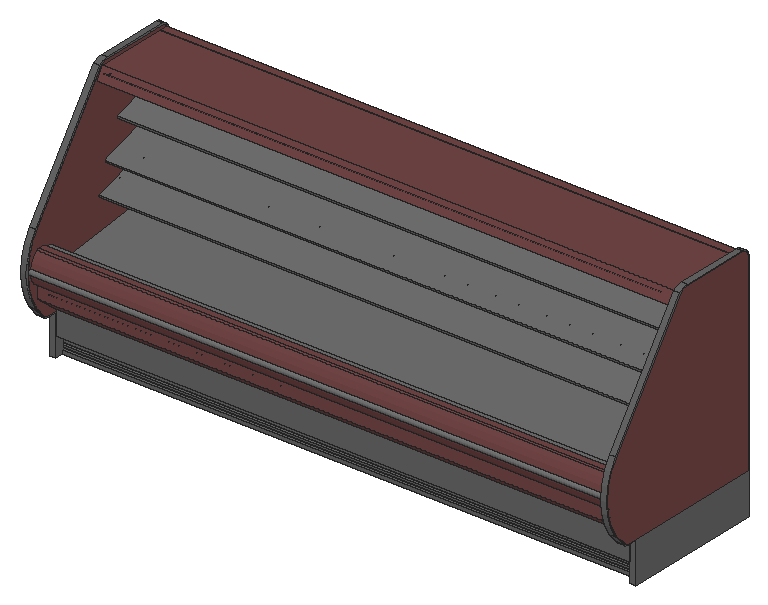
Revit family "O3.5EM-NRG", category Mechanical Equipment, Revit 2019
Family settings
  Round Connector Dimension = Use Radius
  Part Type = Normal
  OmniClass Number = 23.40.40.11.17
  OmniClass Title = Refrigerated Cases
  Work Plane-Based = Yes
  Always vertical = Yes
  Cut with Voids When Loaded = No
  Shared = No
  Room Calculation Point = No
Parameters (values of type "12' Deli")
  Width = 43 1/4"  # constant formula
  URL = "http://www.hillphoenix.com/?s=o3.5um"
  TOP REFRIGERATION PIPING = yes
  TOP ELECTRICAL = yes
  TOEKICK [instance] = BLACK PAINTED METAL
  Standard Power Watts = 35.7 W
  Standard Power Amps = 0.3 A
  Shelf distance = 48"
  STAINLESS STEEL = GALVANIZED STEEL
  Refgn = 12 3/8"
  RT STD END = yes
  REFRIGERATION PIPING = COPPER PIPE
  RUBBER BUMPER [instance] = BLACK
  REAR REFRIGERATION PIPING = yes
  PAINTED METAL UPPER SHELF = PAINTED SHELVES
  PAINTED METAL INTERIOR [instance] = GALVANIZED STEEL
  PAINTED METAL EXTERIOR [instance] = CHARCOAL BROWN
  Number of Shelf = 3
  Model = "O3.5UM-NRG"  # constant formula
  Manufacturer = "HILL PHOENIX"  # constant formula
  Lights Per Row = 3
  Light Length = "48\""
  Length = 144"
  Legend Number = Model  # "O3.5UM-NRG"
  LF STD END = yes
  Keynote = ""  # constant formula
  Item Description = Description  # "Multi-Deck Merchandiser with Synerg-E™"
  Island Timed-Off Termination Temp (°F) = 42 °F  # constant formula
  Island Timed-Off Fail-Safe (Min) = "40 (Min)"  # constant formula
  Island Superheat @ Bulb Set Point (°F) = "6-8 °F"  # constant formula
  Island High Efficiency Fans Watts = 42 W
  Island High Efficiency Fans Amps = 0.6 A
  Island Front Sill Height = "All"
  Island Fans Per Case = 3
  Island Evaporator (°F) = 28 °F
  Island Discharge Air(°F) = 31 °F
  Island Discharge Air Velocity (FPM) = 150 FPM  # constant formula
  Island BTUH Parallel = 930
  Island BTUH Conventional = 1063
  Island Application = "Dairy / Deli / Produce"
  Island  Case Length = 144"
  How Many Defrosts Per Day = 6  # constant formula
  High Power (Cornice) Watts = 64.5 W
  High Power (Cornice) Amps = 0.54 A
  Height = 53 5/8"  # constant formula
  GLASS = Glass
  EQUIPMENT MARK = Legend Number  # "O3.5UM-NRG"
  EQUIPMENT DESCRIPTION = Item Description  # "Multi-Deck Merchandiser with Synerg-E™"
  Description = "Multi-Deck Merchandiser with Synerg-E™"  # constant formula
  Default Elevation = 48"
  DRAIN PIPING = yes
  DESIGNERS NAME = "SHIDDRAMESH"  # constant formula
  DATE = "03/31/2016"  # constant formula
  Certifications = "NSF 7, UL471, CSA"  # constant formula
  DRAIN LINE = 72"
  BOTTOM REFRIGERATION PIPING = yes
  BOTTOM ELECTRICAL = yes
  BASE [instance] = BLACK PAINTED METAL
  Assembly Code = ""
  16" Shelf = yes
  14" Shelf = yes
  12" Shelf = yes
Types (4): name | Standard Power Watts | Standard Power Amps | Shelf distance | Refgn | Lights Per Row | Light Length | Length | Island High Efficiency Fans Watts | Island High Efficiency Fans Amps | Island Fans Per Case | Island  Case Length | High Power (Cornice) Watts | High Power (Cornice) Amps | DRAIN LINE
  04' Deli | 11 W | 0.1 A | 36" | 12 3/8" | 1 | "48\"" | 48" | 14 W | 0.2 A | 1 | 48" | 21.5 W | 0.18 A | 36"
  06' Deli | 16.6 W | 0.14 A | 36" | 12.37369" | 2 | "36\"" | 72" | 28 W | 0.4 A | 2 | 72" | 29.8 W | 0.25 A | 36"
  08' Deli | 23.8 W | 0.2 A | 48" | 12 3/8" | 2 | "48\"" | 96" | 28 W | 0.4 A | 2 | 96" | 43 W | 0.36 A | 48"
  12' Deli | 35.7 W | 0.3 A | 48" | 12 3/8" | 3 | "48\"" | 144" | 42 W | 0.6 A | 3 | 144" | 64.5 W | 0.54 A | 72"
Reference planes (in)
  plane 1: z = 0.01963
  plane 2 "LEFT": x = 0
  plane 3 "CASE RIGHT": x = 144
  plane 4: z = 0
  plane 5: y = -15.80874
  plane 6: x = 145.5
  plane 7: x = 72
  plane 8: y = -35.93374
  plane 9: z = 16.99642
Forms (in)
  Extrusion 1, solid, material "BLACK PAINTED METAL" <- "BASE"
    sketch origin (0, 0, 0) x (0, 1, 0) y (0, 0, 1)
      loop
        line (-15.80874, -5.875) -> (-15.80874, 5.125) -> (-47.62124, 5.125) -> (-47.62124, -5.875) -> (-45.69085, -5.875) -> (-45.69085, -2.92693) -> (-17.58874, -2.92693) -> (-17.58874, -5.875) -> (-15.80874, -5.875)
    from 0 to 144
  Extrusion 2, solid, material "CHARCOAL BROWN" <- "PAINTED METAL EXTERIOR"
    sketch origin (0, 0, 0) x (0, 1, 0) y (0, 0, 1)
      loop
        line (-17.80874, 53.5) -> (-17.80874, 13.8096)
        arc (-17.80874, 13.8096) -> (-19.67093, 9.97936) -> (-23.59905, 8.33365) r 6.03269
        line (-23.59905, 8.33365) -> (-41.10336, 7.70434) -> (-43.19438, 6.18536) -> (-45.82493, 6.18536) -> (-48.11015, 7.45214)
        arc (-48.11015, 7.45214) -> (-52.38364, 9.035) -> (-54.31151, 13.16433) r 5.99863
        line (-54.31151, 13.16433) -> (-54.31151, 15.37312) -> (-56.31972, 15.37312) -> (-56.31972, 10.07189) -> (-50.42555, 5.125) -> (-15.80874, 5.125) -> (-15.80874, 53.5) -> (-17.80874, 53.5)
    from 0 to 144
  Extrusion 3, solid, material "PAINTED SHELVES" <- "PAINTED METAL UPPER SHELF"
    sketch origin (0, 0, 0) x (0, 1, 0) y (0, 0, 1)
      loop
        arc (-19.82324, 18.65532) -> (-19.97199, 18.29619) -> (-20.33113, 18.14743) r 0.50789
        line (-20.33113, 18.14743) -> (-23.58406, 17.91996) -> (-23.5984, 18.125) -> (-50.89707, 14.85444) -> (-51.11131, 14.778) -> (-52.07193, 14.778) -> (-52.07193, 20.48987) -> (-54.31151, 20.48987) -> (-54.31151, 13.16433)
        arc (-54.31151, 13.16433) -> (-52.37575, 9.02845) -> (-48.08972, 7.45284) r 6
        line (-48.08972, 7.45284) -> (-45.80324, 6.18536) -> (-43.17269, 6.18536) -> (-41.08167, 7.70434) -> (-23.59905, 8.33365)
        arc (-23.59905, 8.33365) -> (-19.67093, 9.97936) -> (-17.80874, 13.8096) r 6.03269
        line (-17.80874, 13.8096) -> (-17.80874, 18.25) -> (-19.82324, 18.25) -> (-19.82324, 18.65532)
    from 0 to 144
  Extrusion 4, solid, material "GALVANIZED STEEL" <- "STAINLESS STEEL"
    sketch origin (0, 0, 0) x (0, 1, 0) y (0, 0, 1)
      loop
        line (-17.80874, 50.50917) -> (-19.82324, 50.50917) -> (-19.82324, 18.25) -> (-17.80874, 18.25) -> (-17.80874, 50.50917)
    from 0 to 144
  Extrusion 5, solid, material "COPPER PIPE" <- "REFRIGERATION PIPING", visible <- "REAR REFRIGERATION PIPING"
    sketch origin (72, -10.74044, 2.25) x (-1, 0, 0) y (0, 0, 1)
      loop
        circle (-69, 12.25) r 0.5
      loop
        circle (-67, 12.25) r 0.375
    from -6.847 to -4.76622
  Extrusion 6, solid, material "CHARCOAL BROWN" <- "PAINTED METAL EXTERIOR", visible <- "TOP REFRIGERATION PIPING"
    sketch origin (-1, 0, 0) x (1, 0, 0) y (0, 1, 0)
      loop
        line (141, -15.80874) -> (141, -12.80874) -> (129, -12.80874) -> (129, -15.80874) -> (129.125, -15.80874) -> (129.125, -12.93374) -> (140.875, -12.93374) -> (140.875, -15.80874) -> (141, -15.80874)
    from 20.05479 to 49.38425
  Extrusion 7, solid, material "COPPER PIPE" <- "REFRIGERATION PIPING", visible <- "TOP REFRIGERATION PIPING"
    sketch origin (-1, 0, 0) x (1, 0, 0) y (0, 1, 0)
      loop
        circle (135.125, -14.43374) r 0.375
      loop
        circle (138.125, -14.43374) r 0.5
    from 36.946 to 51.0895
  Extrusion 8, solid, material "BLACK PAINTED METAL" <- "BASE"
    sketch origin (0, -10.32473, -5.92912) x (0, 1, 0) y (0, 0, 1)
      loop
        line (-37.29651, 0.05412) -> (-37.29651, 11.05412) -> (-40.10082, 11.05412) -> (-40.10082, 4.89419) -> (-37.49499, 4.89419)
        arc (-37.49499, 4.89419) -> (-37.64498, 4.61148) -> (-37.9483, 4.50939) r 0.43232
        line (-37.9483, 4.50939) -> (-37.9483, 4.00939) -> (-37.8698, 4.00939) -> (-37.45101, 4.08936) -> (-37.58838, 3.65476)
        arc (-37.58838, 3.65476) -> (-37.72442, 3.42905) -> (-37.9483, 3.29) r 0.56287
        line (-37.9483, 3.29) -> (-37.9483, 2.79) -> (-37.8698, 2.79) -> (-37.45101, 2.87496) -> (-37.58838, 2.43538)
        arc (-37.58838, 2.43538) -> (-37.72411, 2.20936) -> (-37.9483, 2.07063) r 0.55931
        line (-37.9483, 2.07063) -> (-37.9483, 1.57063) -> (-37.8698, 1.57063) -> (-37.45101, 1.65558) -> (-37.56253, 1.21239)
        arc (-37.56253, 1.21239) -> (-37.72233, 0.97614) -> (-37.98401, 0.86268) r 0.50984
        line (-37.98401, 0.86268) -> (-37.98401, 0.05412) -> (-37.29651, 0.05412)
    from 0 to 144
  Extrusion 9, solid, material "CHARCOAL BROWN" <- "PAINTED METAL EXTERIOR"
    sketch origin (0, -14.13723, -0.05412) x (0, 1, 0) y (0, 0, 1)
      loop
        line (-40.17428, 15.42724) -> (-40.17428, 20.54398) -> (-40.08842, 20.54398) -> (-40.08842, 21.30412) -> (-41.88342, 21.30412)
        arc (-41.88342, 21.30412) -> (-42.11095, 21.26006) -> (-42.30709, 21.13661) r 0.62908
        arc (-42.30709, 21.13661) -> (-43.61456, 19.49787) -> (-44.37803, 17.54541) r 6.99854
        arc (-44.37803, 17.54541) -> (-44.14586, 15.5484) -> (-43.14588, 13.80428) r 5
        line (-43.14588, 13.80428) -> (-42.18248, 13.80428) -> (-42.18248, 15.42724) -> (-40.17428, 15.42724)
    from 0 to 144
  Extrusion 10, solid, material "BLACK" <- "RUBBER BUMPER"
    sketch origin (0, -14.13723, 0.07297) x (0, 1, 0) y (0, 0, 1)
      loop
        arc (-44.32067, 17.63754) -> (-44.92147, 16.92998) -> (-44.33622, 16.20949) r 0.72641
        arc (-44.33622, 16.20949) -> (-44.39419, 16.81336) -> (-44.3786, 17.4198) r 4.99981
        line (-44.3786, 17.4198) -> (-44.32067, 17.63754)
    from 0 to 144
  Extrusion 11, solid, material "PAINTED SHELVES" <- "PAINTED METAL UPPER SHELF", visible <- "16" Shelf"
    sketch origin (0, 0, 17.99373) x (0, 1, 0) y (0, 0, 1)
      loop
        line (-19.82324, 12.03629) -> (-37.03672, 6.7736) -> (-36.87299, 6.23807) -> (-30.93081, 8.05478) -> (-30.83516, 7.94238) -> (-23.44474, 9.22627)
        arc (-23.44474, 9.22627) -> (-22.75285, 9.24918) -> (-22.08119, 9.08147) r 2.5
        line (-22.08119, 9.08147) -> (-21.24279, 8.7431)
        arc (-21.24279, 8.7431) -> (-20.90347, 8.67103) -> (-20.55994, 8.71922) r 1
        line (-20.55994, 8.71922) -> (-19.82324, 8.95823) -> (-19.82324, 12.03629)
    from 0 to 144
  Extrusion 12, solid, material "PAINTED SHELVES" <- "PAINTED METAL UPPER SHELF", visible <- "12" Shelf"
    sketch origin (0, 0, -1.10445) x (0, 1, 0) y (0, 0, 1)
      loop
        line (-19.82324, 41.65301) -> (-19.82324, 44.73205) -> (-31.29889, 41.22359) -> (-31.13516, 40.68806) -> (-28.91169, 41.36785) -> (-28.81603, 41.25545) -> (-23.39209, 41.93813)
        arc (-23.39209, 41.93813) -> (-22.70019, 41.96104) -> (-22.02854, 41.79333) r 2.5
        line (-22.02854, 41.79333) -> (-21.19014, 41.45496)
        arc (-21.19014, 41.45496) -> (-20.85082, 41.38289) -> (-20.50729, 41.43109) r 1
        line (-20.50729, 41.43109) -> (-19.82324, 41.65301)
    from 0 to 144
  Extrusion 13, void
    sketch origin (0, -15.80744, -12) x (0, 0, 1) y (1, 0, 0)
      loop
        circle (26.44588, 140) r 2
    from 0 to -1.78
  Extrusion 14, solid, material "CHARCOAL BROWN" <- "PAINTED METAL EXTERIOR", visible <- "RT STD END"
    sketch origin (115, 0, 0) x (0, 1, 0) y (0, 0, 1)
      loop
        line (-15.43374, 4.5) -> (-15.43374, 52.78382)
        arc (-15.43374, 52.78382) -> (-15.87308, 53.84448) -> (-16.93374, 54.28382) r 1.5
        line (-16.93374, 54.28382) -> (-34.25631, 54.28382)
        arc (-34.25631, 54.28382) -> (-35.34399, 54.11564) -> (-36.33007, 53.62679) r 3.60119
        line (-36.33007, 53.62679) -> (-56.34554, 25.737)
        arc (-56.34554, 25.737) -> (-59.24114, 16.73595) -> (-56.34554, 7.73491) r 15.43777
        line (-56.34554, 7.73491) -> (-54.30554, 5.30373)
        arc (-54.30554, 5.30373) -> (-53.53283, 4.71081) -> (-52.58194, 4.5) r 2.25
        line (-52.58194, 4.5) -> (-15.43374, 4.5)
    from 30.5 to 29
  Extrusion 15, solid, material "BLACK PAINTED METAL" <- "BASE", visible <- "RT STD END"
    sketch origin (115, 0, 0) x (0, 1, 0) y (0, 0, 1)
      loop
        line (-15.18374, 4.5) -> (-15.18374, 52.8076)
        arc (-15.18374, 52.8076) -> (-15.69631, 54.04504) -> (-16.93374, 54.5576) r 1.75
        line (-16.93374, 54.5576) -> (-34.15745, 54.5576)
        arc (-34.15745, 54.5576) -> (-35.44113, 54.33737) -> (-36.57799, 53.70185) r 3.85119
        line (-36.57799, 53.70185) -> (-56.69027, 25.67715)
        arc (-56.69027, 25.67715) -> (-59.57272, 16.71698) -> (-56.69027, 7.75681) r 15.36767
        line (-56.69027, 7.75681) -> (-54.50029, 5.1418)
        arc (-54.50029, 5.1418) -> (-53.6423, 4.4839) -> (-52.5867, 4.25001) r 2.49897
        line (-52.5867, 4.25001) -> (-50.42555, 4.25001) -> (-50.42555, 4.50001) -> (-52.5867, 4.50001)
        arc (-52.5867, 4.50001) -> (-53.53664, 4.71048) -> (-54.30878, 5.30249) r 2.24897
        line (-54.30878, 5.30249) -> (-56.34554, 7.73491)
        arc (-56.34554, 7.73491) -> (-59.24114, 16.73595) -> (-56.34554, 25.737) r 15.43777
        line (-56.34554, 25.737) -> (-36.33007, 53.62679)
        arc (-36.33007, 53.62679) -> (-35.34399, 54.11564) -> (-34.25631, 54.28382) r 3.60119
        line (-34.25631, 54.28382) -> (-16.93374, 54.28382)
        arc (-16.93374, 54.28382) -> (-15.87308, 53.84448) -> (-15.43374, 52.78382) r 1.5
        line (-15.43374, 52.78382) -> (-15.43374, 4.5) -> (-15.18374, 4.5)
    from 30.5 to 29
  Extrusion 16, solid, material "BLACK PAINTED METAL" <- "BASE", visible <- "RT STD END"
    sketch origin (115, 0, 0) x (0, 1, 0) y (0, 0, 1)
      loop
        line (-50.42555, 4.5) -> (-50.42555, -5.875) -> (-15.18374, -5.875) -> (-15.18374, 4.5) -> (-50.42555, 4.5)
    from 30.5 to 29
  Extrusion 17, solid, material "PAINTED SHELVES" <- "PAINTED METAL UPPER SHELF", visible <- "14" Shelf"
    sketch origin (0, 0, -8.07083) x (0, 1, 0) y (0, 0, 1)
      loop
        line (-19.82324, 41.65301) -> (-19.82324, 44.73205) -> (-35.12411, 40.05411) -> (-34.96038, 39.51858) -> (-30.93081, 40.75054) -> (-30.83516, 40.63814) -> (-23.44474, 41.92203)
        arc (-23.44474, 41.92203) -> (-22.75285, 41.94495) -> (-22.08119, 41.77723) r 2.5
        line (-22.08119, 41.77723) -> (-21.24279, 41.43886)
        arc (-21.24279, 41.43886) -> (-20.90347, 41.3668) -> (-20.55994, 41.41499) r 1
        line (-20.55994, 41.41499) -> (-19.82324, 41.65301)
    from 0 to 144
  Extrusion 18, solid, material "CHARCOAL BROWN" <- "PAINTED METAL EXTERIOR", visible <- "LF STD END"
    sketch origin (-30.5, 0, 0) x (0, 1, 0) y (0, 0, 1)
      loop
        line (-15.43374, 4.5) -> (-15.43374, 52.78382)
        arc (-15.43374, 52.78382) -> (-15.87308, 53.84448) -> (-16.93374, 54.28382) r 1.5
        line (-16.93374, 54.28382) -> (-34.25631, 54.28382)
        arc (-34.25631, 54.28382) -> (-35.34399, 54.11564) -> (-36.33007, 53.62679) r 3.60119
        line (-36.33007, 53.62679) -> (-56.34554, 25.737)
        arc (-56.34554, 25.737) -> (-59.24114, 16.73595) -> (-56.34554, 7.73491) r 15.43777
        line (-56.34554, 7.73491) -> (-54.30554, 5.30373)
        arc (-54.30554, 5.30373) -> (-53.53283, 4.71081) -> (-52.58194, 4.5) r 2.25
        line (-52.58194, 4.5) -> (-15.43374, 4.5)
    from 30.5 to 29
  Extrusion 19, solid, material "BLACK PAINTED METAL" <- "BASE", visible <- "LF STD END"
    sketch origin (-30.5, 0, 0) x (0, 1, 0) y (0, 0, 1)
      loop
        line (-34.25631, 54.28382) -> (-16.93374, 54.28382)
        arc (-16.93374, 54.28382) -> (-15.87308, 53.84448) -> (-15.43374, 52.78382) r 1.5
        line (-15.43374, 52.78382) -> (-15.43374, 4.5) -> (-15.18374, 4.5) -> (-15.18374, 52.8076)
        arc (-15.18374, 52.8076) -> (-15.69631, 54.04504) -> (-16.93374, 54.5576) r 1.75
        line (-16.93374, 54.5576) -> (-34.15745, 54.5576)
        arc (-34.15745, 54.5576) -> (-35.44113, 54.33737) -> (-36.57799, 53.70185) r 3.85119
        line (-36.57799, 53.70185) -> (-56.69027, 25.67715)
        arc (-56.69027, 25.67715) -> (-59.57272, 16.71698) -> (-56.69027, 7.75681) r 15.36767
        line (-56.69027, 7.75681) -> (-54.49705, 5.14303)
        arc (-54.49705, 5.14303) -> (-53.63848, 4.48423) -> (-52.58194, 4.25) r 2.5
        line (-52.58194, 4.25) -> (-50.42555, 4.25) -> (-50.42555, 4.5) -> (-52.58194, 4.5)
        arc (-52.58194, 4.5) -> (-53.53283, 4.71081) -> (-54.30554, 5.30373) r 2.25
        line (-54.30554, 5.30373) -> (-56.34554, 7.73491)
        arc (-56.34554, 7.73491) -> (-59.24114, 16.73595) -> (-56.34554, 25.737) r 15.43777
        line (-56.34554, 25.737) -> (-36.33007, 53.62679)
        arc (-36.33007, 53.62679) -> (-35.34399, 54.11564) -> (-34.25631, 54.28382) r 3.60119
    from 30.5 to 29
  Extrusion 20, solid, material "BLACK PAINTED METAL" <- "BASE", visible <- "LF STD END"
    sketch origin (-30.5, 0, 0) x (0, 1, 0) y (0, 0, 1)
      loop
        line (-50.42555, 4.5) -> (-50.42555, -5.875) -> (-15.18374, -5.875) -> (-15.18374, 4.5) -> (-50.42555, 4.5)
    from 30.5 to 29
  Extrusion 21, solid
    sketch origin (0, -34.33655, 7.45885) x (0, 0.939693, -0.34202) y (0, 0.34202, 0.939693)
      loop
        circle (-14.04788, 41.33455) r 0.5625
      loop
        circle (-15.51988, 41.33455) r 0.5625
    from 0 to 144
  Extrusion 22, solid, material "GALVANIZED STEEL" <- "PAINTED METAL INTERIOR"
    sketch origin (0, 13.38873, 41.70744) x (0, 0.544639, 0.838671) y (0, -0.838671, 0.544639)
      loop
        line (-15.14341, 42.53616) -> (-16.03949, 42.41717)
        arc (-16.03949, 42.41717) -> (-16.06003, 42.40528) -> (-16.06614, 42.38236) r 0.031
        line (-16.06614, 42.38236) -> (-16.02567, 42.07759) -> (-15.55597, 38.73549) -> (-15.51682, 38.45693) -> (-14.58845, 38.5874) -> (-15.14341, 42.53616)
    from 0 to 144
  Extrusion 23, solid, material "CHARCOAL BROWN" <- "PAINTED METAL EXTERIOR"
    sketch origin (0, 0, -6.625) x (0, 1, 0) y (0, 0, 1)
      loop
        line (-15.80874, 57.125) -> (-15.80874, 60.125) -> (-36.00591, 60.125) -> (-37.5638, 57.42666) -> (-37.29615, 57.27214) -> (-36.20976, 59.15382) -> (-35.29408, 59.15382) -> (-31.98476, 58.01433) -> (-31.00887, 57.84225) -> (-27.28419, 56.1054) -> (-26.80874, 57.125) -> (-15.80874, 57.125)
    from 0 to 144 <- "Length"
Cuts and joins
  Extrusion 13 cuts Extrusion 2
  Extrusion 13 cuts Extrusion 6
Lines and regions (in)
  model lines
    curve 1: line (0, -59.0672, 16.99642) -> (0, -58.90938, 16.99642)
  symbolic lines
    curve 2: circle (134.12757, -14.42462, 0) r 0.36671 normal (0, 0, 1)
Dimensions and locks (in)
  "Length": plane 2 "LEFT" to plane 3 "CASE RIGHT"
  "DRAIN LINE": plane 2 "LEFT" to plane 7
  locked: plane 3 "CASE RIGHT" to plane 6 at 1.5
  plane 5 to Extrusion 10 = 43 1/4"
  Extrusion 4 to Extrusion 3 = 32.24869"
  curve 2 to Extrusion 15 = 9.87243"
  Extrusion 20 to Extrusion 9 = 27 1/8"
  Extrusion 1 to Extrusion 8 = 32 1/2"
  Extrusion 1 to Extrusion 8 = 31 13/16"
  Extrusion 20 to Extrusion 23 = 59 3/8"
  Extrusion 20 to cut or joined group of Extrusion 2, Extrusion 13 = 11"
  Extrusion 4 to Extrusion 23 = 32 1/4"
  Extrusion 12 to Extrusion 12 = 12"
  Extrusion 17 to Extrusion 17 = 16"
  Extrusion 11 to Extrusion 11 = 18"
  Extrusion 23 to Extrusion 23 = 21.75505"
  Extrusion 23 to plane 8 = 20 1/8"
  Extrusion 3 to Extrusion 23 = 33.50485"
  Extrusion 20 to plane 9 = 22.87142"
  aligned and locked: plane 3 "CASE RIGHT" to Extrusion 4
  aligned and locked: plane 3 "CASE RIGHT" to Extrusion 3
  aligned and locked: Extrusion 2 to plane 3 "CASE RIGHT"
  aligned and locked: plane 3 "CASE RIGHT" to Extrusion 1
  aligned and locked: Extrusion 10 to Extrusion 8
  aligned and locked: Extrusion 9 to Extrusion 8
  aligned and locked: Extrusion 9 to plane 3 "CASE RIGHT"
  aligned and locked: plane 3 "CASE RIGHT" to Extrusion 11
  aligned and locked: plane 3 "CASE RIGHT" to Extrusion 12
  aligned and locked: Extrusion 15 to plane 3 "CASE RIGHT"
  aligned and locked: Extrusion 15 to plane 6
  aligned and locked: Extrusion 14 to plane 3 "CASE RIGHT"
  aligned and locked: Extrusion 14 to plane 6
  aligned and locked: Extrusion 16 to plane 3 "CASE RIGHT"
  aligned and locked: plane 6 to Extrusion 16
  aligned and locked: plane 3 "CASE RIGHT" to Extrusion 17
  aligned and locked: Extrusion 22 to Extrusion 15
  aligned and locked: Extrusion 21 to Extrusion 15
Automatic sketch dimensions
  Extrusion 2 sketch curve to plane 5 = 0"
  plane 5 to Extrusion 2 sketch curve = 2"
  plane 5 to Extrusion 2 sketch curve = 7.79031"
  Extrusion 2 sketch curve to Extrusion 2 sketch curve = 0.217"
  plane 1 to Extrusion 2 sketch curve = 7.68471"
  Extrusion 2 sketch curve to Extrusion 2 sketch curve = 17.50431"
  plane 1 to Extrusion 2 sketch curve = 6.16573"
  Extrusion 2 sketch curve to Extrusion 2 sketch curve = 2.09102"
  Extrusion 2 sketch curve to Extrusion 2 sketch curve = 2.63055"
  Extrusion 2 sketch curve to Extrusion 2 sketch curve = 2.28522"
  Extrusion 2 sketch curve to Extrusion 2 sketch curve = 0.2094"
  Extrusion 2 sketch curve to Extrusion 2 sketch curve = 2.3154"
  Extrusion 2 sketch curve to Extrusion 2 sketch curve = 1.06036"
  Extrusion 2 sketch curve to Extrusion 2 sketch curve = 1.26678"
  plane 1 to Extrusion 2 sketch curve = 8.31402"
  Extrusion 2 sketch curve to Extrusion 2 sketch curve = 4.94689"
  Extrusion 2 sketch curve to Extrusion 2 sketch curve = 3.09244"
  Extrusion 2 sketch curve to Extrusion 2 sketch curve = 5.47595"
  Extrusion 2 sketch curve to Extrusion 2 sketch curve = 2.20879"
  Extrusion 3 sketch curve to Extrusion 3 sketch curve = 2.23958"
  Extrusion 3 sketch curve to Extrusion 3 sketch curve = 0.96062"
  Extrusion 3 sketch curve to Extrusion 3 sketch curve = 0.21424"
  Extrusion 3 sketch curve to Extrusion 3 sketch curve = 2.57882"
  Extrusion 3 sketch curve to Extrusion 3 sketch curve = 0.22853"
  plane 1 to Extrusion 3 sketch curve = 6.16573"
  Extrusion 3 sketch curve to Extrusion 3 sketch curve = 2.28648"
  Extrusion 3 sketch curve to Extrusion 3 sketch curve = 2.63055"
  plane 1 to Extrusion 3 sketch curve = 7.68471"
  Extrusion 3 sketch curve to Extrusion 3 sketch curve = 2.09102"
  plane 5 to Extrusion 3 sketch curve = 8.0073"
  Extrusion 3 sketch curve to Extrusion 3 sketch curve = 0.217"
  Extrusion 3 sketch curve to Extrusion 3 sketch curve = 0.21765"
  Extrusion 3 sketch curve to Extrusion 3 sketch curve = 0.01434"
  Extrusion 3 sketch curve to Extrusion 3 sketch curve = 3.25293"
  Extrusion 3 sketch curve to Extrusion 3 sketch curve = 0.50789"
  plane 5 to Extrusion 3 sketch curve = 2"
  Extrusion 3 sketch curve to Extrusion 3 sketch curve = 1.26748"
  plane 1 to Extrusion 3 sketch curve = 8.31402"
  Extrusion 3 sketch curve to Extrusion 3 sketch curve = 5.71149"
  Extrusion 3 sketch curve to Extrusion 3 sketch curve = 5.47595"
  Extrusion 3 sketch curve to Extrusion 3 sketch curve = 1.32951"
  Extrusion 3 sketch curve to Extrusion 3 sketch curve = 0.07644"
  Extrusion 3 sketch curve to Extrusion 3 sketch curve = 4.4404"
  Extrusion 3 sketch curve to Extrusion 3 sketch curve = 3.55753"
  Extrusion 3 sketch curve to Extrusion 3 sketch curve = 0.20504"
  Extrusion 3 sketch curve to Extrusion 3 sketch curve = 5.71187"
  plane 5 to Extrusion 4 sketch curve = 4.01449"
  plane 5 to Extrusion 4 sketch curve = 2"
  plane 1 to Extrusion 4 sketch curve = 18.23037"
  Extrusion 9 sketch curve to Extrusion 9 sketch curve = 0"
  Extrusion 9 sketch curve to Extrusion 9 sketch curve = 0.96339"
  Extrusion 9 sketch curve to Extrusion 9 sketch curve = 0.42367"
  Extrusion 9 sketch curve to Extrusion 9 sketch curve = 0.42743"
  Extrusion 9 sketch curve to Extrusion 9 sketch curve = 2.0082"
  Extrusion 9 sketch curve to Extrusion 9 sketch curve = 0.08586"
  Extrusion 9 sketch curve to Extrusion 9 sketch curve = 0.77748"
  Extrusion 9 sketch curve to Extrusion 9 sketch curve = 1.84493"
  plane 1 to Extrusion 9 sketch curve = 13.73053"
  Extrusion 9 sketch curve to Extrusion 9 sketch curve = 1.62296"
  Extrusion 9 sketch curve to Extrusion 9 sketch curve = 0.57446"
  Extrusion 9 sketch curve to Extrusion 9 sketch curve = 1.68528"
  Extrusion 9 sketch curve to Extrusion 9 sketch curve = 0.76013"
  plane 5 to Extrusion 12 sketch curve = 15.49015"
  Extrusion 12 sketch curve to Extrusion 12 sketch curve = 0.16373"
  Extrusion 12 sketch curve to Extrusion 12 sketch curve = 2.22348"
  Extrusion 12 sketch curve to Extrusion 12 sketch curve = 0.09566"
  Extrusion 12 sketch curve to Extrusion 12 sketch curve = 5.42394"
  Extrusion 12 sketch curve to Extrusion 12 sketch curve = 0.4279"
  Extrusion 12 sketch curve to Extrusion 12 sketch curve = 1.36355"
  Extrusion 12 sketch curve to Extrusion 12 sketch curve = 0.8384"
  Extrusion 12 sketch curve to Extrusion 12 sketch curve = 0.37426"
  Extrusion 12 sketch curve to Extrusion 12 sketch curve = 0.68285"
  Extrusion 12 sketch curve to Extrusion 12 sketch curve = 0.99264"
  Extrusion 12 sketch curve to Extrusion 12 sketch curve = 1.21304"
  Extrusion 12 sketch curve to Extrusion 12 sketch curve = 0.53553"
  Extrusion 12 sketch curve to Extrusion 12 sketch curve = 0.1124"
  Extrusion 12 sketch curve to Extrusion 12 sketch curve = 1.95607"
  Extrusion 12 sketch curve to Extrusion 12 sketch curve = 0.02387"
  Extrusion 12 sketch curve to Extrusion 12 sketch curve = 0.22192"
  Extrusion 12 sketch curve to Extrusion 12 sketch curve = 0.33837"
  Extrusion 16 sketch curve to level = 5 7/8"
  Extrusion 16 sketch curve to plane 5 = 5/8"
  plane 1 to Extrusion 16 sketch curve = 4.48037"
  Extrusion 20 sketch curve to level = 5 7/8"
  Extrusion 20 sketch curve to plane 5 = 5/8"
  plane 1 to Extrusion 20 sketch curve = 4.48037"
  Extrusion 14 sketch curve to plane 5 = 3/8"
  plane 1 to Extrusion 14 sketch curve = 4.48037"
  Extrusion 18 sketch curve to plane 5 = 3/8"
  Extrusion 10 sketch curve to Extrusion 10 sketch curve = 4.79766"
  plane 1 to Extrusion 10 sketch curve = 16.97541"
  Extrusion 10 sketch curve to Extrusion 10 sketch curve = 0.06626"
  Extrusion 10 sketch curve to Extrusion 10 sketch curve = 0.05793"
  Extrusion 10 sketch curve to Extrusion 10 sketch curve = 0.71257"
  Extrusion 22 sketch curve to Extrusion 22 sketch curve = 0.02665"
  Extrusion 22 sketch curve to Extrusion 22 sketch curve = 0.03073"
  Extrusion 22 sketch curve to Extrusion 22 sketch curve = 0.04047"
  Extrusion 22 sketch curve to Extrusion 22 sketch curve = 0.4697"
  Extrusion 22 sketch curve to Extrusion 22 sketch curve = 0.03915"
  Extrusion 22 sketch curve to Extrusion 22 sketch curve = 0.89609"
  Extrusion 22 sketch curve to Extrusion 22 sketch curve = 0.92838"
  Extrusion 22 sketch curve to Extrusion 22 sketch curve = 0.30477"
  Extrusion 22 sketch curve to Extrusion 22 sketch curve = 3.3421"
  Extrusion 22 sketch curve to Extrusion 22 sketch curve = 0.14809"
  Extrusion 22 sketch curve to Extrusion 22 sketch curve = 0.00408"
  Extrusion 23 sketch curve to plane 5 = 0"
  Extrusion 23 sketch curve to Extrusion 23 sketch curve = 4.2852"
  Extrusion 23 sketch curve to Extrusion 23 sketch curve = 0.71183"
  Extrusion 23 sketch curve to Extrusion 23 sketch curve = 0.91568"
  Extrusion 23 sketch curve to Extrusion 23 sketch curve = 1.08639"
  Extrusion 23 sketch curve to Extrusion 23 sketch curve = 0.26765"
  Extrusion 23 sketch curve to Extrusion 23 sketch curve = 3"
  Extrusion 23 sketch curve to Extrusion 23 sketch curve = 1.0196"
  Extrusion 23 sketch curve to Extrusion 23 sketch curve = 0.97589"
  Extrusion 23 sketch curve to Extrusion 23 sketch curve = 0.17208"
  Extrusion 5 sketch curve to plane 3 "CASE RIGHT" = 3"
  Extrusion 5 sketch curve to Extrusion 5 sketch curve = 2"
  plane 1 to Extrusion 5 sketch curve = 14.48037"
  Extrusion 5 sketch curve to Extrusion 5 sketch curve = 0"
  plane 5 to Extrusion 6 sketch curve = 0"  (x2)
  Extrusion 6 sketch curve to plane 3 "CASE RIGHT" = 16"
  Extrusion 6 sketch curve to Extrusion 6 sketch curve = 1/8"  (x3)
  Extrusion 6 sketch curve to plane 3 "CASE RIGHT" = 4 1/8"
  Extrusion 6 sketch curve to plane 5 = 2 7/8"
  Extrusion 7 sketch curve to plane 5 = 1 3/8"  (x2)
  Extrusion 7 sketch curve to plane 3 "CASE RIGHT" = 9 7/8"
  Extrusion 7 sketch curve to Extrusion 7 sketch curve = 3"
  Extrusion 13 sketch curve to plane 3 "CASE RIGHT" = 4"
  plane 1 to Extrusion 13 sketch curve = 14.42625"
  Extrusion 21 sketch curve to Extrusion 21 sketch curve = 1.472"
  Extrusion 21 sketch curve to Extrusion 21 sketch curve = 0"
  level to Extrusion 18 sketch curve = 6 3/4"
  plane 1 to Extrusion 18 sketch curve = 4.48037"
  Extrusion 18 sketch curve to Extrusion 18 sketch curve = 1.7236"
  plane 5 to Extrusion 18 sketch curve = 1 1/8"
  Extrusion 18 sketch curve to Extrusion 18 sketch curve = 18.987"
  Extrusion 18 sketch curve to Extrusion 18 sketch curve = 8.77857"
  Extrusion 18 sketch curve to Extrusion 18 sketch curve = 9.98595"
  Extrusion 14 sketch curve to Extrusion 14 sketch curve = 2 1/4"
  Extrusion 14 sketch curve to Extrusion 14 sketch curve = 1.7236"
  plane 5 to Extrusion 14 sketch curve = 1 1/8"
  Extrusion 14 sketch curve to Extrusion 14 sketch curve = 18.987"
  Extrusion 14 sketch curve to Extrusion 14 sketch curve = 8.77857"
  Extrusion 14 sketch curve to Extrusion 14 sketch curve = 9.98595"
  curve 2 to plane 5 = 1.38412"
  Extrusion 14 sketch curve to Extrusion 14 sketch curve = 19.39633"
  Extrusion 18 sketch curve to Extrusion 18 sketch curve = 19.39633"
  plane 5 to Extrusion 21 sketch curve = 18.97447"
  plane 5 to Extrusion 22 sketch curve = 15.09761"
  plane 5 to Extrusion 23 sketch curve = 11"
  Extrusion 23 sketch curve to Extrusion 23 sketch curve = 0.47545"
  Extrusion 19 sketch curve to Extrusion 19 sketch curve = 0"  (x5)
  Extrusion 19 sketch curve to Extrusion 19 sketch curve = 0.34473"  (x2)
  Extrusion 19 sketch curve to Extrusion 19 sketch curve = 1.84849"
  Extrusion 19 sketch curve to Extrusion 19 sketch curve = 0.19151"
  Extrusion 19 sketch curve to Extrusion 19 sketch curve = 1.7236"
  Extrusion 19 sketch curve to Extrusion 19 sketch curve = 8.37689"
  Extrusion 19 sketch curve to Extrusion 19 sketch curve = 0.40168"
  plane 5 to Extrusion 19 sketch curve = 20.76924"
  Extrusion 19 sketch curve to Extrusion 19 sketch curve = 0.24792"
  Extrusion 19 sketch curve to Extrusion 19 sketch curve = 2.07376"
  Extrusion 19 sketch curve to Extrusion 19 sketch curve = 0.09886"
  plane 5 to Extrusion 19 sketch curve = 1 1/8"
  Extrusion 19 sketch curve to plane 5 = 3/8"
  Extrusion 19 sketch curve to Extrusion 19 sketch curve = 1/4"
  plane 1 to Extrusion 19 sketch curve = 25.71737"
  Extrusion 19 sketch curve to Extrusion 19 sketch curve = 0.05984"
  Extrusion 19 sketch curve to Extrusion 19 sketch curve = 9.00105"
  Extrusion 19 sketch curve to Extrusion 19 sketch curve = 0.01897"
  Extrusion 19 sketch curve to Extrusion 19 sketch curve = 0.98491"
  Extrusion 19 sketch curve to Extrusion 19 sketch curve = 1.44627"
  Extrusion 19 sketch curve to Extrusion 19 sketch curve = 0.1607"
  plane 1 to Extrusion 19 sketch curve = 4.48037"
  Extrusion 19 sketch curve to Extrusion 19 sketch curve = 0.02378"  (x2)
  Extrusion 19 sketch curve to Extrusion 19 sketch curve = 2.15639"
  Extrusion 15 sketch curve to Extrusion 15 sketch curve = 0.34473"  (x2)
  Extrusion 15 sketch curve to Extrusion 15 sketch curve = 1.84524"
  Extrusion 15 sketch curve to Extrusion 15 sketch curve = 0.19151"
  Extrusion 15 sketch curve to Extrusion 15 sketch curve = 1.72208"
  Extrusion 15 sketch curve to Extrusion 15 sketch curve = 0"  (x3)
  Extrusion 15 sketch curve to Extrusion 15 sketch curve = 2.16115"
  Extrusion 15 sketch curve to Extrusion 15 sketch curve = 8.38165"
  Extrusion 15 sketch curve to Extrusion 15 sketch curve = 0.40168"
  plane 5 to Extrusion 15 sketch curve = 20.76924"
  Extrusion 15 sketch curve to Extrusion 15 sketch curve = 0.24792"
  Extrusion 15 sketch curve to Extrusion 15 sketch curve = 2.07376"
  Extrusion 15 sketch curve to Extrusion 15 sketch curve = 0.09886"
  plane 5 to Extrusion 15 sketch curve = 1 1/8"
  Extrusion 15 sketch curve to plane 5 = 3/8"
  Extrusion 15 sketch curve to Extrusion 15 sketch curve = 1/4"
  plane 1 to Extrusion 15 sketch curve = 25.71737"
  Extrusion 15 sketch curve to Extrusion 15 sketch curve = 0.05984"
  Extrusion 15 sketch curve to Extrusion 15 sketch curve = 9.00105"
  Extrusion 15 sketch curve to Extrusion 15 sketch curve = 0.01897"
  Extrusion 15 sketch curve to Extrusion 15 sketch curve = 0.98592"
  Extrusion 15 sketch curve to Extrusion 15 sketch curve = 1.44649"
  Extrusion 15 sketch curve to Extrusion 15 sketch curve = 0.1607"
  plane 1 to Extrusion 15 sketch curve = 4.48037"
  Extrusion 15 sketch curve to Extrusion 15 sketch curve = 0.02378"  (x2)
  Extrusion 2 sketch curve to plane 9 = 36.50358"
  Extrusion 4 sketch curve to Extrusion 4 sketch curve = 32.25917"
  Extrusion 12 sketch curve to plane 9 = 21.37416"
  plane 8 to Extrusion 14 sketch curve = 1.67743"
  Extrusion 14 sketch curve to Extrusion 14 sketch curve = 24.94563"
  Extrusion 14 sketch curve to Extrusion 14 sketch curve = 2.10119"
  Extrusion 15 sketch curve to Extrusion 15 sketch curve = 24.94563"
  Extrusion 15 sketch curve to Extrusion 15 sketch curve = 2.07741"
  plane 8 to Extrusion 18 sketch curve = 1.67743"
  Extrusion 18 sketch curve to Extrusion 18 sketch curve = 24.94563"
  Extrusion 18 sketch curve to Extrusion 18 sketch curve = 2.10119"
  Extrusion 19 sketch curve to Extrusion 19 sketch curve = 24.94563"
  Extrusion 19 sketch curve to Extrusion 19 sketch curve = 2.07741"
  Extrusion 21 sketch curve to plane 9 = 34.61231"
  Extrusion 22 sketch curve to plane 9 = 34.31991"
  Extrusion 23 sketch curve to Extrusion 23 sketch curve = 3.72468"
  Extrusion 23 sketch curve to plane 9 = 32.48399"
  Extrusion 23 sketch curve to Extrusion 23 sketch curve = 2.85286"
  Extrusion 2 sketch curve to Extrusion 2 sketch curve = 5.99196"
  Extrusion 2 sketch curve to Extrusion 2 sketch curve = 2.0082"
  Extrusion 3 sketch curve to plane 8 = 5.14792"
  Extrusion 9 sketch curve to plane 8 = 21.34936"
  Extrusion 9 sketch curve to Extrusion 9 sketch curve = 1.795"
  Extrusion 9 sketch curve to Extrusion 9 sketch curve = 3.43147"
  Extrusion 10 sketch curve to plane 9 = 0.49635"
  Extrusion 10 sketch curve to plane 8 = 22.58209"
  Extrusion 10 sketch curve to Extrusion 10 sketch curve = 0.18351"
  Extrusion 14 sketch curve to plane 8 = 7.86963"
  Extrusion 14 sketch curve to Extrusion 14 sketch curve = 12.54217"
  plane 1 to Extrusion 14 sketch curve = 7.71527"
  Extrusion 15 sketch curve to plane 8 = 7.86963"
  Extrusion 15 sketch curve to Extrusion 15 sketch curve = 12.14049"
  Extrusion 16 sketch curve to plane 8 = 14.49181"
  Extrusion 18 sketch curve to plane 8 = 7.86963"
  Extrusion 18 sketch curve to Extrusion 18 sketch curve = 12.54217"
  plane 1 to Extrusion 18 sketch curve = 7.71527"
  Extrusion 19 sketch curve to plane 8 = 7.86963"
  Extrusion 19 sketch curve to Extrusion 19 sketch curve = 12.14049"
  Extrusion 20 sketch curve to plane 8 = 14.49181"
  Extrusion 8 sketch curve to level = 1.03493"
  Extrusion 8 sketch curve to plane 8 = 14.49181"
  Extrusion 8 sketch curve to Extrusion 8 sketch curve = 1.97574"
  Extrusion 8 sketch curve to Extrusion 8 sketch curve = 0.00285"
  Extrusion 8 sketch curve to Extrusion 8 sketch curve = 0.07435"
  Extrusion 8 sketch curve to Extrusion 8 sketch curve = 0.06387"
  Extrusion 8 sketch curve to Extrusion 8 sketch curve = 0.17678"
  Extrusion 8 sketch curve to Extrusion 8 sketch curve = 0.17393"  (x2)
  Extrusion 8 sketch curve to Extrusion 8 sketch curve = 0.02353"
  Extrusion 8 sketch curve to Extrusion 8 sketch curve = 0.0785"  (x3)
  Extrusion 8 sketch curve to level = 4.35849"
  Extrusion 8 sketch curve to level = 3.49374"
  Extrusion 8 sketch curve to Extrusion 8 sketch curve = 0.28142"  (x2)
  Extrusion 8 sketch curve to level = 2.27436"
  Extrusion 8 sketch curve to level = 4.71673"
  Extrusion 8 sketch curve to Extrusion 8 sketch curve = 0.30726"
  Extrusion 8 sketch curve to Extrusion 8 sketch curve = 0.42977"
  Extrusion 8 sketch curve to level = 1.83976"
  Extrusion 8 sketch curve to Extrusion 8 sketch curve = 0.41879"  (x3)
  Extrusion 8 sketch curve to level = 4.27354"
  Extrusion 8 sketch curve to level = 3.05416"
  Extrusion 8 sketch curve to Extrusion 8 sketch curve = 11/16"
  Extrusion 8 sketch curve to Extrusion 8 sketch curve = 0.3497"
  Extrusion 8 sketch curve to Extrusion 8 sketch curve = 0.80857"
  Extrusion 8 sketch curve to Extrusion 8 sketch curve = 1/2"  (x3)
  Extrusion 8 sketch curve to Extrusion 8 sketch curve = 0.1878"
  Extrusion 8 sketch curve to Extrusion 8 sketch curve = 0.18499"
  plane 1 to Extrusion 8 sketch curve = 5.10537"
  Extrusion 1 sketch curve to plane 5 = 0"
  plane 5 to Extrusion 1 sketch curve = 1.78"
  Extrusion 1 sketch curve to level = 2.92693"
  Extrusion 1 sketch curve to plane 8 = 9.7571"
  Extrusion 1 sketch curve to Extrusion 1 sketch curve = 1.9304"
  Extrusion 1 sketch curve to Extrusion 1 sketch curve = 2.94807"  (x2)
  plane 1 to Extrusion 1 sketch curve = 5.10537"
  Extrusion 17 sketch curve to Extrusion 17 sketch curve = 0.16373"
  Extrusion 17 sketch curve to Extrusion 17 sketch curve = 4.02957"
  Extrusion 17 sketch curve to Extrusion 17 sketch curve = 0.09566"
  Extrusion 17 sketch curve to Extrusion 17 sketch curve = 7.39041"
  Extrusion 17 sketch curve to Extrusion 17 sketch curve = 0.4279"
  Extrusion 17 sketch curve to Extrusion 17 sketch curve = 1.36355"
  Extrusion 17 sketch curve to Extrusion 17 sketch curve = 0.8384"
  Extrusion 17 sketch curve to Extrusion 17 sketch curve = 0.37426"
  Extrusion 17 sketch curve to Extrusion 17 sketch curve = 1.0453"
  Extrusion 17 sketch curve to plane 9 = 14.39167"
  Extrusion 17 sketch curve to Extrusion 17 sketch curve = 0.05965"
  Extrusion 17 sketch curve to Extrusion 17 sketch curve = 0.53553"
  Extrusion 17 sketch curve to Extrusion 17 sketch curve = 0.1124"
  Extrusion 17 sketch curve to Extrusion 17 sketch curve = 1.97994"
  Extrusion 17 sketch curve to Extrusion 17 sketch curve = 0.21415"
  Extrusion 17 sketch curve to Extrusion 17 sketch curve = 0.33837"
  Extrusion 17 sketch curve to Extrusion 17 sketch curve = 0.92732"
  Extrusion 17 sketch curve to Extrusion 17 sketch curve = 0.68285"
  Extrusion 17 sketch curve to Extrusion 17 sketch curve = 0.00029"
  Extrusion 17 sketch curve to Extrusion 17 sketch curve = 0.00089"
  plane 8 to Extrusion 17 sketch curve = 0.80963"
  Extrusion 11 sketch curve to Extrusion 11 sketch curve = 0.16373"
  plane 8 to Extrusion 11 sketch curve = 5.00293"
  Extrusion 11 sketch curve to Extrusion 11 sketch curve = 0.09566"
  Extrusion 11 sketch curve to Extrusion 11 sketch curve = 7.39041"
  Extrusion 11 sketch curve to Extrusion 11 sketch curve = 0.4279"
  Extrusion 11 sketch curve to Extrusion 11 sketch curve = 1.36355"
  Extrusion 11 sketch curve to Extrusion 11 sketch curve = 0.8384"
  Extrusion 11 sketch curve to Extrusion 11 sketch curve = 0.37426"
  Extrusion 11 sketch curve to Extrusion 11 sketch curve = 0.68285"
  Extrusion 11 sketch curve to Extrusion 11 sketch curve = 0.73671"
  Extrusion 11 sketch curve to plane 9 = 7.23538"
  Extrusion 11 sketch curve to plane 9 = 7.76047"
  Extrusion 11 sketch curve to Extrusion 11 sketch curve = 0.53553"
  Extrusion 11 sketch curve to Extrusion 11 sketch curve = 0.1124"
  Extrusion 11 sketch curve to Extrusion 11 sketch curve = 1.95607"
  Extrusion 11 sketch curve to Extrusion 11 sketch curve = 0.02387"
  Extrusion 11 sketch curve to Extrusion 11 sketch curve = 0.239"
  Extrusion 11 sketch curve to Extrusion 11 sketch curve = 0.33837"
  Extrusion 11 sketch curve to plane 8 = 0.93925"
  plane 9 to curve 1 = 0"
  curve 1 to plane 8 = 22.97563"
  curve 1 to curve 1 = 0.15783"
  radius of Extrusion 5 sketch curve = 1/2"
  radius of Extrusion 5 sketch curve = 3/8"
  radius of Extrusion 7 sketch curve = 3/8"
  radius of Extrusion 7 sketch curve = 1/2"
  radius of Extrusion 13 sketch curve = 2"
  radius of Extrusion 21 sketch curve = 9/16"  (x2)
  radius of curve 2 = 0.36671"
Nested families (in)
  nested 1: "SOLOCHILL DYNAMIC" at (10.95207, -1.7015, 66.274), type "NONE"
    with TOEKICK BLACK PAINTED METAL, REFRIGERATION PIPING COPPER PIPE, PAINTED METAL UPPER SHELF none, PAINTED METAL INTERIOR GALVANIZED STEEL, PAINTED METAL EXTERIOR CHARCOAL BROWN, METAL none, FRONT PANEL CHARCOAL BROWN, BLACK PAINTED METAL none, BASE BLACK PAINTED METAL
Connectors (in)
  piping at (141, -15.50666, 14.5), diameter 0.5
    settings: on Extrusion 5, index 1, connector inside diameter 1/2", connector length 0", flow factor 0, pipe flow 0 GPM, pressure drop 0.00 psi, fitting loss kfactor 0, connector angle 0.000°, fixture units 0, engagement length 0", angle of deflection 0.000°, flow configuration 0, flow direction 2, fitting loss method 0, system type 7, joint type 0, gender type 0, connector reference index -1, connector utility 0, adjustable connector no, is connector primary yes, connector description "SUCTION LINE CONNECTION"
  piping at (139, -15.50666, 14.5), diameter 0.375
    settings: on Extrusion 5, index 2, connector inside diameter 3/8", connector length 0", flow factor 0, pipe flow 0 GPM, pressure drop 0.00 psi, fitting loss kfactor 0, connector angle 0.000°, fixture units 0, engagement length 0", angle of deflection 0.000°, flow configuration 0, flow direction 1, fitting loss method 0, system type 8, joint type 0, gender type 0, connector reference index -1, connector utility 0, adjustable connector no, is connector primary no, connector description "LIQUID LINE CONNECTION"
  piping at (137.125, -14.43374, 51.0895), diameter 0.5
    settings: on Extrusion 7, index 10, connector inside diameter 1/2", connector length 0", flow factor 0, pipe flow 0 GPM, pressure drop 0.00 psi, fitting loss kfactor 0, connector angle 0.000°, fixture units 0, engagement length 0", angle of deflection 0.000°, flow configuration 0, flow direction 2, fitting loss method 0, system type 7, joint type 0, gender type 0, connector reference index -1, connector utility 0, adjustable connector no, is connector primary no, connector description "SUCTION LINE CONNECTION"
  piping at (134.125, -14.43374, 51.0895), diameter 0.375
    settings: on Extrusion 7, index 11, connector inside diameter 3/8", connector length 0", flow factor 0, pipe flow 0 GPM, pressure drop 0.00 psi, fitting loss kfactor 0, connector angle 0.000°, fixture units 0, engagement length 0", angle of deflection 0.000°, flow configuration 0, flow direction 1, fitting loss method 0, system type 8, joint type 0, gender type 0, connector reference index -1, connector utility 0, adjustable connector no, is connector primary no, connector description "LIQUID LINE CONNECTION"
